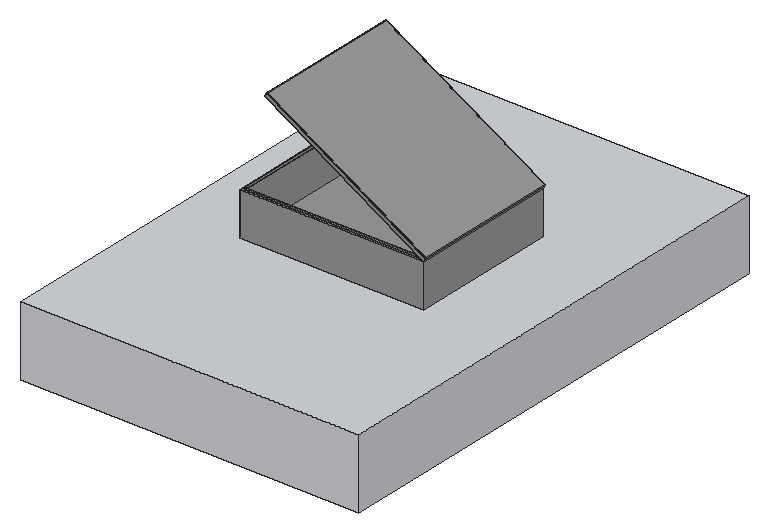
Revit family "Hager-Univers-IP54-D205-H650-Cl.II-Encl-PT-pt", category Equipement électrique, Revit 2020
Family settings
  Hôte = Face
  Configuration du panneau = Deux colonnes, circuits au sein
  Cote de connecteur circulaire = Utiliser le diamètre
  Type d'élément = Tableau de raccordement
  Couper avec des vides une fois chargée = Non
  Partagée = Non
  Point de calcul de pièce = Non
Parameters (values of type "Montagem em superfície (gesso) IP54 L800 A650 P205  - FP43SW2")
  Width Control [instance] = if([EF000008 - Largura] > Min Width, [EF000008 - Largura], Min Width)  # 800 mm
  Commentaires du type = [HG000003 - Gama]  # "Univers"
  Thickness Door [instance] = if([EF009171 - Espessura do material da porta/tampa] > 3 mm, 3 mm, [EF009171 - Espessura do material da porta/tampa])  # 1 mm
  Seal Frame Offset [instance] = 17 mm  # constant formula
  Plinth Visibility [instance] = [HG000027 - Altura da Plinta] > 0 mm  # no
  Model = ""
  Min Width [instance] = 100 mm  # constant formula
  Min Height [instance] = 100 mm  # constant formula
  Min Depth [instance] = (2 * [EF009170 - Espessura do material do invólucro]) + 1 mm  # 3 mm
  Internal Frame Depth [instance] = (Door System Depth * 0.5)  # 9 mm
  Height Control [instance] = if([EF000040 - Altura] > Min Height, [EF000040 - Altura], Min Height)  # 650 mm
  HG000027 - Altura da Plinta = 0 mm
  HG000026 - Instalação no chão = no
  HG000024 - Altura da secção inferior = 800 mm
  HG000023 - Recinto de secção dupla = no
  HG000016 - Visibilidade da porta 3D [instance] = yes
  HG000015 - Visibilidade através da porta [instance] = no
  HG000014 - Porta à direita [instance] = yes
  HG000013 - Porta à esquerda [instance] = not([HG000014 - Porta à direita])  # no
  HG000012 - Ângulo de abertura de porta [instance] = 30.00°
  HG000010 - Portas assimétricas = no
  HG000009 - Porta dupla = no
  HG000006 - Encastrado = no
  HG000004 - Referência do Fabricante = "FP43SW2"
  HG000003 - Gama = "Univers"
  HG000002 - Com porta ou tampa = yes
  Frame Offset Bottom [instance] = 10 mm  # constant formula
  Frame Offset [instance] = 15 mm  # constant formula
  EF015940 - Tampa com libertação de sobrepressão = no
  EF011959 - Grau de proteção (NEMA) = ""
  EF009554 - Número de aberturas para placas de flange = 6
  Fabricant = "Hager"  # constant formula
  EF009212 - Tipo de tampa = "EV000116 - Fechado"
  EF009171 - Espessura do material da porta/tampa = 1 mm
  EF009170 - Espessura do material do invólucro = 1 mm
  EF008873 - Corrente nominal (In) = 250 A
  EF007800 - Adequado para proteção contra raios = no
  EF006306 - Com fecho = no
  EF006244 - Tampa/porta transparente = no
  EF005474 - Grau de proteção (IP) = "EV006419 - IP54"
  EF004464 - Tipo de porta = "EV002646 - Único"
  EF004427 - Número de módulos = 144
  EF004293 - Força de impacto = "EV006815 - IK09"
  EF003532 - Adequado para uso no exterior = no
  EF002950 - Largura em número de módulos = 36
  EF001613 - Integridade do circuito = "EV000494 - Nenhum"
  EF001596 - Material do corpo = "EV000179 - Aço"
  EF001131 - Profundidade interior = 143 mm
  EF001088 - Extensão possível = yes
  EF000437 - Número de entradas de condutores = 6
  EF000339 - Tipo de difusor = "EV001012 - Tampa"
  EF000266 - Número de linhas = 4
  EF000218 - Profundidade incorporada = 205 mm
  EF000118 - Com tampa de montagem = no
  EF000116 - Número RAL = "9010"
  EF000049 - Profundidade = 205 mm
  EF000040 - Altura = 650 mm
  EF000008 - Largura = 800 mm
  EF000007 - Cor = "EV000202 - Branco"
  EF000003 - Método de montagem = "EV000384 - Montagem em superfície (gesso)"
  Door System Leaf Tolerance [instance] = 1.5 mm  # constant formula
  Door System Depth [instance] = 18 mm  # constant formula
  Door Height [instance] = Height Control - [HG000027 - Altura da Plinta]  # 650 mm
  Depth Control [instance] = if([EF000049 - Profundidade] > Min Depth, [EF000049 - Profundidade], Min Depth)  # 205 mm
  Default Elevation = 0 mm
  Connector Offset [instance] = Height Control / 2  # 325 mm
  Bottom Top Plate Trim [instance] = 1.5 mm  # constant formula
  Plinth height Ctrl [instance] = if([HG000027 - Altura da Plinta] > 0 mm, [HG000027 - Altura da Plinta], 12 mm)  # 12 mm
Types (4, lengths in mm): name | Width Control | HG000009 - Porta dupla | HG000004 - Referência do Fabricante | EF009554 - Número de aberturas para placas de flange | EF004464 - Tipo de porta | EF004427 - Número de módulos | EF002950 - Largura em número de módulos | EF000437 - Número de entradas de condutores | EF000008 - Largura
  Montagem em superfície (gesso) IP54 L1050 A650 P205  - FP44SW2 | 1050 | yes | "FP44SW2" | 8 | "EV003602 - Duplo" | 192 | 48 | 8 | 1050
  Montagem em superfície (gesso) IP54 L300 A650 P205  - FP41SW2 | 300 | no | "FP41SW2" | 2 | "EV002646 - Único" | 48 | 12 | 2 | 300
  Montagem em superfície (gesso) IP54 L550 A650 P205  - FP42SW2 | 550 | no | "FP42SW2" | 4 | "EV002646 - Único" | 96 | 24 | 4 | 550
  Montagem em superfície (gesso) IP54 L800 A650 P205  - FP43SW2 | 800 | no | "FP43SW2" | 6 | "EV002646 - Único" | 144 | 36 | 6 | 800
Reference planes
  plane 1 "Center (Front/Back)": y = 0
  plane 2: z = 0
  plane 3 "Center (Left/Right)": x = 0
  plane 4: z = 205
  plane 5: y = 1
  plane 6: y = 325
  plane 7: y = 0
  plane 8: y = 650
  plane 9: z = 0
  plane 10: x = -385
  plane 11: x = 385
  plane 12: x = 384
  plane 13: x = -384
  plane 14: y = 649
  plane 15: x = -383
  plane 16: x = -400
  plane 17: x = 383
  plane 18: x = 400
  plane 19: x = 399
  plane 20: x = -399
  plane 21: y = 11
  plane 22: y = 650
  plane 23: y = 634
  plane 24: z = 187
  plane 25: z = 1
  plane 26: z = 186
  plane 27: z = 204
Forms (mm)
  Extrusion 1, solid
    sketch origin (0, 0, 0) x (1, 0, 0) y (0, 1, 0)
      loop
        line (-702.964, 1305) -> (-702.964, -811.445) -> (766.763, -811.445) -> (766.763, 1305) -> (-702.964, 1305)
    from 0 to -304.8
  Extrusion 2, solid, material "Hager_Steel_RAL7035_Light_Grey", visible <- "Plinth Visibility", detail levels medium+fine
    sketch origin (0, 0, 0) x (1, 0, 0) y (0, 1, 0)
      loop
        line (-400, 0) -> (400, 0) -> (400, 12) -> (-400, 12) -> (-400, 0)
    from 0 to 187
  Extrusion 3, solid, material "Hager_Steel_RAL7035_Light_Grey", detail levels medium+fine
    sketch origin (0, 0, 0) x (1, 0, 0) y (0, 1, 0)
      loop
        line (-400, 0) -> (400, 0) -> (400, 650) -> (-400, 650) -> (-400, 0)
    from 0 to 187
  Extrusion 4, void
    sketch origin (0, 0, 0) x (1, 0, 0) y (0, 1, 0)
      loop
        line (-399, 1) -> (399, 1) -> (399, 649) -> (-399, 649) -> (-399, 1)
    from 1 to 186
  Extrusion 5, void
    sketch origin (-381.607, -4572, 187) x (0, -1, 0) y (-1, 0, 0)
      loop
        line (-4583, 2.393) -> (-5206, 2.393) -> (-5206, -765.607) -> (-4583, -765.607) -> (-4583, 2.393)
    from 0 to 1 <- "EF009170 - Espessura do material do invólucro"
  Extrusion 6, solid, material "Hager_Steel_RAL7035_Light_Grey", detail levels fine
    sketch origin (0, 0, 187) x (1, 0, 0) y (0, 1, 0)
      loop
        line (-384, 634) -> (-384, 11) -> (384, 11) -> (384, 634) -> (-384, 634)
      loop
        line (-385, 10) -> (385, 10) -> (385, 635) -> (-385, 635) -> (-385, 10)
    from 0 to 9 <- "Internal Frame Depth"
  Extrusion 7, solid, material "Hager_Steel_RAL7035_Light_Grey", detail levels coarse
    sketch origin (0, 0, 0) x (1, 0, 0) y (0, 1, 0)
      loop
        line (-400, 0) -> (400, 0) -> (400, 650) -> (-400, 650) -> (-400, 0)
    from 0 to 205
  Sweep 8, void
    path in 3D
      loop
        line (-400, 12, 0) -> (400, 12, 0) -> (400, 12, 187) -> (-400, 12, 187) -> (-400, 12, 0)
    profile origin (-400, 12, 93.5) x (-1, 0, 0) y (0, -1, 0)
      loop
        line (0, 0) -> (0, 1.5) -> (-1.5, 1.5)
        arc (-1.5, 1.5) -> (-1.061, 0.439) -> (0, 0) r 1.5
Cuts and joins
  Extrusion 4, Extrusion 5 cuts Extrusion 3
  Sweep 8 cuts Extrusion 2
Lines and regions (mm)
  Masking region 1
    outline origin (0, 0, 0) x (1, 0, 0) y (0, 0, 1)
      loop
        line (-400, 205) -> (-400, 0) -> (400, 0) -> (400, 205) -> (-400, 205)
  Masking region 2, detail levels medium+fine
    outline origin (0, 140, 0) x (0, 1, 0) y (0, 0, 1)
      loop
        line (-140, 0) -> (510, 0) -> (510, 187) -> (-140, 187) -> (-140, 0)
  Masking region 3, not visible, detail levels medium+fine
    outline origin (0, 297.922, 0) x (0, 1, 0) y (0, 0, 1)
      loop
        line (38.578, 0) -> (78.578, 0) -> (78.578, 194)
        arc (78.578, 194) -> (75.649, 201.071) -> (68.578, 204) r 10
        line (68.578, 204) -> (38.578, 204) -> (38.578, 0)
  Masking region 4, detail levels coarse
    outline origin (0, 0, 180) x (0, 1, 0) y (0, 0, 1)
      loop
        line (0, -180) -> (650, -180) -> (650, 25) -> (0, 25) -> (0, -180)
  Masking region 5, visible <- "Plinth Visibility", detail levels medium+fine
    outline origin (0, 52.24, 12.345) x (0, 0, -1) y (0, 1, 0)
      loop
        line (10.845, -40.24) -> (-173.155, -40.24)
        arc (-173.155, -40.24) -> (-173.594, -41.301) -> (-174.655, -41.74) r 1.5
        line (-174.655, -41.74) -> (-174.655, -52.24) -> (12.345, -52.24) -> (12.345, -41.74)
        arc (12.345, -41.74) -> (11.285, -41.301) -> (10.845, -40.24) r 1.5
  Masking region 6, detail levels medium+fine
    outline origin (-381.607, -4572, 187) x (-1, 0, 0) y (0, -1, 0)
      loop
        line (18.393, -5222) -> (18.393, -4572) -> (-781.607, -4572) -> (-781.607, -5222) -> (18.393, -5222)
  Masking region 7, visible <- "Plinth Visibility", detail levels medium+fine
    outline origin (-381.607, -4727, 187) x (-1, 0, 0) y (0, -1, 0)
      loop
        arc (16.893, -4739) -> (17.332, -4737.939) -> (18.393, -4737.5) r 1.5
        line (18.393, -4737.5) -> (18.393, -4727) -> (-781.607, -4727) -> (-781.607, -4737.5)
        arc (-781.607, -4737.5) -> (-780.546, -4737.939) -> (-780.107, -4739) r 1.5
        line (-780.107, -4739) -> (16.893, -4739)
  Masking region 8, detail levels coarse
    outline origin (-442.548, -4669.526, 187) x (-1, 0, 0) y (0, -1, 0)
      loop
        line (-42.548, -5319.526) -> (-42.548, -4669.526) -> (-842.548, -4669.526) -> (-842.548, -5319.526) -> (-42.548, -5319.526)
  sketch lines
    curve 1: line (-400, 12, 187) -> (-400, 12, 0)
    curve 2: line (400, 12, 187) -> (-400, 12, 187)
    curve 3: line (400, 12, 187) -> (400, 12, 0)
    curve 4: line (-400, 12, 0) -> (400, 12, 0)
Dimensions and locks
  "Depth Control": plane 4 to Extrusion 1
  "HG000027 - Altura da Plinta": plane 1 "Center (Front/Back)" to plane 7
  "EF009170 - Espessura do material do invólucro": plane 5 to plane 7
  locked: connector elem to plane 3 "Center (Left/Right)"
  equal spacing: plane 8, plane 6, plane 7
  locked: connector elem to plane 6
  "EF009170 - Espessura do material do invólucro": plane 8 to plane 14
  "EF009170 - Espessura do material do invólucro": plane 10 to plane 13
  "EF009170 - Espessura do material do invólucro": plane 12 to plane 11
  "Frame Offset": plane 20 to plane 13
  "Frame Offset": plane 12 to plane 19
  "EF009170 - Espessura do material do invólucro": plane 16 to plane 20
  "EF009170 - Espessura do material do invólucro": plane 19 to plane 18
  "Seal Frame Offset": plane 16 to plane 15
  "Seal Frame Offset": plane 17 to plane 18
  "Frame Offset Bottom": plane 21 to plane 5
  "Frame Offset": plane 14 to plane 23
  equal spacing: plane 16, plane 3 "Center (Left/Right)", plane 18
  "Width Control": plane 16 to plane 18
  "EF009170 - Espessura do material do invólucro": plane 4 to plane 27
  "EF009170 - Espessura do material do invólucro": plane 24 to plane 26
  "EF009170 - Espessura do material do invólucro": plane 25 to level
  "Door System Depth": plane 4 to plane 24
  "Height Control": plane 1 "Center (Front/Back)" to Extrusion 7 sketch curve
  "Height Control": Masking region 4 sketch curve to plane 1 "Center (Front/Back)"
  "Height Control": plane 1 "Center (Front/Back)" to plane 22
  "Bottom Top Plate Trim": profile plane to Sweep 8 sketch curve
  "Bottom Top Plate Trim": Sweep 8 sketch curve to profile plane
  "Plinth height Ctrl": plane 1 "Center (Front/Back)" to Extrusion 2 sketch curve
  "Plinth height Ctrl": Masking region 5 sketch curve to plane 1 "Center (Front/Back)"
  "Plinth height Ctrl": plane 1 "Center (Front/Back)" to Masking region 7 sketch curve
  "Thickness Door": Extrusion 6 sketch curve to Extrusion 6 sketch curve  (x3)
  "Thickness Door": cut or joined group of Extrusion 3, Extrusion 4, Extrusion 5 to Extrusion 6 sketch curve
  radius of Masking region 3 sketch curve = 10 mm
  "Bottom Top Plate Trim": radius of Masking region 5 sketch curve  (x2)
  "Bottom Top Plate Trim": radius of Sweep 8 sketch curve
  "Bottom Top Plate Trim": radius of Masking region 7 sketch curve  (x2)
  aligned and locked: plane 2 to Extrusion 1
  aligned and locked: level to Extrusion 1
  aligned and locked: level to Masking region 1 sketch curve
  aligned and locked: Masking region 1 sketch curve to plane 18
  aligned and locked: Masking region 1 sketch curve to plane 16
  aligned and locked: plane 7 to Masking region 2 sketch curve
  aligned and locked: level to Masking region 3 sketch curve
  aligned and locked: Masking region 3 sketch curve to plane 27
  aligned and locked: level to Masking region 2 sketch curve
  aligned and locked: plane 1 "Center (Front/Back)" to Extrusion 2 sketch curve
  aligned and locked: Extrusion 3 sketch curve to plane 7
  aligned and locked: plane 16 to Extrusion 3 sketch curve
  aligned and locked: plane 18 to Extrusion 3 sketch curve
  aligned and locked: plane 20 to Extrusion 4 sketch curve
  aligned and locked: plane 19 to Extrusion 4 sketch curve
  aligned and locked: Extrusion 4 sketch curve to plane 5
  aligned and locked: Extrusion 4 to plane 25
  aligned and locked: plane 26 to Extrusion 4
  aligned and locked: plane 24 to Extrusion 3
  aligned and locked: Extrusion 5 sketch curve to plane 21
  aligned and locked: Extrusion 5 sketch curve to plane 13
  aligned and locked: Extrusion 5 sketch curve to plane 12
  aligned and locked: plane 18 to Extrusion 7 sketch curve
  aligned and locked: plane 1 "Center (Front/Back)" to Extrusion 7 sketch curve
  aligned and locked: plane 16 to Extrusion 7 sketch curve
  aligned and locked: plane 4 to Extrusion 7
  aligned and locked: Extrusion 7 to level
  aligned and locked: level to Masking region 4 sketch curve
  aligned and locked: Masking region 4 sketch curve to plane 1 "Center (Front/Back)"
  aligned and locked: Masking region 4 sketch curve to plane 4
  aligned and locked: nested 1 to level
  aligned and locked: nested 1 to plane 16
  aligned and locked: plane 8 to Extrusion 3 sketch curve
  aligned and locked: plane 23 to Extrusion 5 sketch curve
  aligned and locked: plane 14 to Extrusion 4 sketch curve
  aligned and locked: Masking region 2 sketch curve to plane 8
  aligned and locked: level to Masking region 5 sketch curve
  aligned and locked: plane 16 to Extrusion 2 sketch curve
  aligned and locked: plane 18 to Extrusion 2 sketch curve
  aligned and locked: Masking region 5 sketch curve to plane 24
  aligned and locked: Masking region 2 sketch curve to plane 24
  aligned and locked: plane 24 to Extrusion 2
  aligned and locked: profile plane to Sweep 8 sketch curve  (x2)
  aligned and locked: Masking region 6 sketch curve to plane 18
  aligned and locked: Masking region 6 sketch curve to plane 22
  aligned and locked: Masking region 6 sketch curve to plane 16
  aligned and locked: plane 8 to plane 22
  aligned and locked: Masking region 6 sketch curve to plane 7
  aligned and locked: Masking region 7 sketch curve to plane 16
  aligned and locked: Masking region 7 sketch curve to plane 1 "Center (Front/Back)"
  aligned and locked: Masking region 7 sketch curve to plane 18
  aligned and locked: Masking region 8 sketch curve to plane 1 "Center (Front/Back)"
  aligned and locked: Masking region 8 sketch curve to plane 18
  aligned and locked: Masking region 8 sketch curve to plane 22
  aligned and locked: Masking region 8 sketch curve to plane 16
  aligned and locked: nested 2 to plane 7
  aligned and locked: plane 3 "Center (Left/Right)" to nested 2
  aligned and locked: nested 2 to plane 24
  aligned and locked: Extrusion 6 sketch curve to cut or joined group of Extrusion 3, Extrusion 4, Extrusion 5  (x4)
Automatic sketch dimensions
  Extrusion 1 sketch curve to Extrusion 1 sketch curve = 1469.727 mm
  Extrusion 1 sketch curve to Extrusion 1 sketch curve = 2116.445 mm
  Masking region 1 sketch curve to plane 4 = 0 mm
  plane 6 to Masking region 3 sketch curve = 11.5 mm
  Masking region 3 sketch curve to Masking region 3 sketch curve = 30 mm
  Masking region 5 sketch curve to plane 1 "Center (Front/Back)" = 0 mm
Nested families
  nested 1: "Hager_Enclosure_Symbol" at (-400, 0, 0) x (1, 0, 0) z (0, -1, 0), Height <- "Depth Control", Width <- "Width Control", type "Hager_Enclosure_Symbol"
    with Width_Ctrl 800 mm, Width 800 mm, Height_Ctrl 205 mm, Height 205 mm, A_Width_Int 13.453 mm, A_Width 161.438 mm, A_Height_Ctrl 179.375 mm, A_Height 179.375 mm
  nested 2: "EC000058_Univers_Door" at (0, 0, 187) x (1, 0, 0) z (0, 1, 0), Leaf_Tolerance <- "Door System Leaf Tolerance", Angle <- "HG000012 - Ângulo de abertura de porta", Door_Depth <- "Door System Depth", Door_Left <- "HG000013 - Porta à esquerda", Transparent <- "EF006244 - Tampa/porta transparente", Assymetrical <- "HG000010 - Portas assimétricas", Width <- "Width Control", Clearance <- "HG000015 - Visibilidade através da porta", Double <- "HG000009 - Porta dupla", 3d_Door <- "HG000016 - Visibilidade da porta 3D", Lock_Visibility <- "EF006306 - Com fecho", Width_Ctrl <- "Width Control", Door_Right <- "HG000014 - Porta à direita", Door <- "HG000002 - Com porta ou tampa", Height <- "Door Height", Thickness <- "Thickness Door", type "EC000058_Univers_Door", detail levels medium+fine
    with min_wh 3 mm, Width_Ctrl 800 mm, Width 800 mm, Transparent no, Thickness 1 mm, Seal_Material Hager_Rubber, Lock_Visibility no, Lock_Material Hager_Plastic_RAL9005_Jet_Black, Leaf_Width 800 mm, Leaf_Tolerance_External_Sides 0 mm, Leaf_Tolerance 1.5 mm, Leaf_Offset 0 mm, Leaf_Height 647 mm, Leaf_2_Width 800 mm, Leaf_2_Offset 400 mm, Leaf_1_Width 800 mm, Leaf_1_Offset 400 mm, Height_Ctrl 650 mm, Height 650 mm, Glass_Material Hager_Glass, Double_Clearance_Ctrl no, Double no, Door_Right_Ctrl yes, Door_Right yes, Door_Material Hager_Steel_RAL7035_Light_Grey, Door_Left_Ctrl no, Door_Left no, Door_Depth 18 mm, Door yes, Clearance_Material Hager_Clearance, Clearance_Depth 800 mm, Clearance_Ctrl no, Clearance no, Assymetrical no, Angle 30.00°, 3d_Door yes
Connectors
  electrical at (0, 325, 0)
    settings: on plane 9, index 1, voltage 0 V, apparent load 0 VA, apparent load phase1 0 VA, apparent load phase2 0 VA, apparent load phase3 0 VA, power factor 1, load classification "Other", number of poles 1, system type 30, power factor state 1, is connector primary yes, connector utility no, sub classification motor no, connector description ""
Definition of nested family "EC000058_Univers_Door"
  Parameters (values of type "EC000058_Univers_Door")
    min_wh [instance] = (2 * Thickness) + 1 mm  # 11 mm
    Width_Ctrl [instance] = 400 mm
    Width [instance] = 500 mm
    Transparent [instance] = yes
    Thickness [instance] = 5 mm
    Seal_Material [instance] = none
    Lock_Visibility [instance] = yes
    Lock_Material [instance] = none
    Leaf_Width [instance] = if((Width_Ctrl - 2 * Leaf_Tolerance_External_Sides) > 0 mm, (Width_Ctrl - 2 * Leaf_Tolerance_External_Sides), min_wh)  # 400 mm
    Leaf_Tolerance_External_Sides [instance] = 0 mm  # constant formula
    Leaf_Tolerance [instance] = 1.5 mm
    Leaf_Offset [instance] = 0 mm  # constant formula
    Leaf_Height [instance] = if((Height_Ctrl - 2 * Leaf_Tolerance) > 0 mm, (Height_Ctrl - 2 * Leaf_Tolerance), min_wh)  # 497 mm
    Leaf_2_Width [instance] = if(and(and(Double, Assymetrical), Door_Left), (Leaf_Width / 3) - (Leaf_Tolerance / 2), if(and(and(Double, Assymetrical), Door_Right), (Leaf_Width / 3) * 2 - (Leaf_Tolerance / 2), if(and(Double, not(Assymetrical)), (Leaf_Width / 2) - Leaf_Tolerance, Leaf_Width)))  # 400 mm
    Leaf_2_Offset [instance] = if(and(Double, Assymetrical), Leaf_2_Width / 2, if(and(Double, not(Assymetrical)), Leaf_Width / 4, Leaf_Width / 2))  # 200 mm
    Leaf_1_Width [instance] = if(and(and(Double, Assymetrical), Door_Right), (Leaf_Width / 3) - (Leaf_Tolerance / 2), if(and(and(Double, Assymetrical), Door_Left), (Width / 3) * 2 - (Leaf_Tolerance / 2), if(and(Double, not(Assymetrical)), (Leaf_Width / 2) - Leaf_Tolerance, Leaf_Width)))  # 400 mm
    Leaf_1_Offset [instance] = if(and(Double, Assymetrical), Leaf_1_Width / 2, if(and(Double, not(Assymetrical)), Leaf_Width / 4, Leaf_Width / 2))  # 200 mm
    Height_Ctrl [instance] = if(Height > min_wh, Height, min_wh)  # 500 mm
    Height [instance] = 500 mm
    Glass_Material [instance] = none
    Double_Clearance_Ctrl [instance] = and(Double, Clearance)  # no
    Double [instance] = no
    Door_Right_Ctrl [instance] = and(or(Door_Right, Double), Door)  # yes
    Door_Right [instance] = yes
    Door_Material [instance] = none
    Door_Left_Ctrl [instance] = and(or(Door_Left, Double), Door)  # no
    Door_Left [instance] = no
    Door_Depth [instance] = 30 mm
    Door [instance] = yes
    Default Elevation = 1219.2 mm
    Clearance_Material [instance] = none
    Clearance_Depth [instance] = if(Leaf_1_Width > Leaf_2_Width, Leaf_1_Width, Leaf_2_Width)  # 400 mm
    Clearance_Ctrl [instance] = and(not(Double), Clearance)  # yes
    Clearance [instance] = yes
    Assymetrical [instance] = yes
    Angle [instance] = 30.00°
    3d_Door [instance] = yes
  Reference planes
    plane 1 "Center (Front/Back)": y = 0
    plane 2 "Bottom": z = 0
    plane 3 "Center (Left/Right)": x = 0
    plane 4: z = 500
    plane 5: x = -200
    plane 6: x = 200
    plane 7: z = 500
    plane 8: x = -200
    plane 9: z = 0
    plane 10: x = 200
    plane 11: y = 0
    plane 12: z = 1.5
    plane 13: x = -600
    plane 14: y = -400
    plane 15: x = 600
    plane 16: x = 0
    plane 17: x = 0
    plane 18: x = -200
    plane 19: x = 200
    plane 20: z = 498.5
  Forms (mm)
    Extrusion 1, solid, material <- "Clearance_Material", visible <- "Double_Clearance_Ctrl"
      sketch origin (1200, 0, 0) x (1, 0, 0) y (0, 0, -1)
        loop
          line (-1800, -498.5) -> (-600, -498.5) -> (-600, 0) -> (-1800, 0) -> (-1800, -498.5)
      from 0 to -400
  Dimensions and locks
    equal spacing: plane 5, plane 3 "Center (Left/Right)", plane 6
    "Width_Ctrl": plane 5 to plane 6
    "Leaf_Offset": plane 5 to plane 8
    "Leaf_Offset": plane 6 to plane 10
    "Leaf_Offset": plane 9 to level
    "Leaf_Offset": plane 4 to plane 7
    "Height_Ctrl": plane 4 to level
    "Leaf_Tolerance": plane 12 to plane 9
    locked: plane 11 to plane 1 "Center (Front/Back)"
    "Leaf_1_Offset": plane 18 to plane 16
    "Leaf_2_Offset": plane 17 to plane 19
    "Leaf_1_Width": plane 13 to plane 8
    "Leaf_2_Width": plane 10 to plane 15
    "Clearance_Depth": plane 14 to plane 1 "Center (Front/Back)"
    "Leaf_Tolerance_External_Sides": plane 8 to plane 18
    "Leaf_Tolerance_External_Sides": plane 19 to plane 10
    "Leaf_Tolerance": plane 7 to plane 20
    aligned and locked: level to plane 2 "Bottom"
    aligned and locked: nested 1 to plane 16
    aligned and locked: nested 2 to plane 17
    aligned and locked: Extrusion 1 to plane 13
    aligned and locked: plane 15 to Extrusion 1
    aligned and locked: Extrusion 1 to plane 14
    aligned and locked: plane 12 to nested 1
    aligned and locked: nested 2 to plane 12
    aligned and locked: Extrusion 1 to plane 11
    aligned and locked: plane 20 to Extrusion 1
    aligned and locked: nested 2 to plane 11
    aligned and locked: nested 1 to plane 11
  Automatic sketch dimensions
    Extrusion 1 sketch curve to level = 0 mm
    plane 5 to Extrusion 1 sketch curve = 400 mm
    plane 6 to Extrusion 1 sketch curve = 400 mm
    Extrusion 1 sketch curve to plane 4 = 1.5 mm
  Nested families
    nested 1: "EC000058_Univers_Door_Leaf" at (0, 0, 1.5), Width <- "Leaf_1_Width", visible <- "Door_Left_Ctrl", Leaf_Height <- "Leaf_Height", Angle <- "Angle", 3d_Door <- "3d_Door", Transparent <- "Transparent", Clearance Material <- "Clearance_Material", Clearance <- "Clearance_Ctrl", Door_Material <- "Door_Material", Glass_Material <- "Glass_Material", Door_Depth <- "Door_Depth", Lock_Material <- "Lock_Material", Seal_Material <- "Seal_Material", Lock_Visibility <- "Lock_Visibility", Thickness <- "Thickness", type "EC000058_Univers_Door_Leaf"
      with Width 400 mm, Transparent_Glass_Offset 30 mm, Transparent_Ctrl yes, Transparent yes, Thickness 5 mm, Standard no, Seal_Material none, Seal_D2 8 mm, Seal_D1 1 mm, Offset_Internal_Frame 10 mm, Lock_Width 20 mm, Lock_Visibility_3d yes, Lock_Visibility yes, Lock_Thickness_3 3 mm, Lock_Thickness_2 1 mm, Lock_Thickness_1 3 mm, Lock_Radius_Offset_2 16 mm, Lock_Radius_Offset_1 15 mm, Lock_Radius_2 5 mm, Lock_Radius 6 mm, Lock_Offset 5 mm, Lock_Material none, Lock_Height 80 mm, Lock_Cover_Top_Offset_2d 17 mm, Lock_Cover_Height -65 mm, Leaf_Height 497 mm, Internal_Seal_Thickness 8 mm, Internal_Seal_Depth_2 4.5 mm, Internal_Frame_Depth 25 mm, Glass_Thickness -1 mm, Glass_Offset -2 mm, Glass_Material none, Door_Material none, Door_Depth 30 mm, Clearance Material none, Clearance yes, Angle_Ctrl 30.00°, Angle 30.00°, 3d_Door yes
    nested 2: "EC000058_Univers_Door_Leaf" at (0, 0, 1.5) x (-1, 0, 0) z (0, 0, 1), Width <- "Leaf_2_Width", visible <- "Door_Right_Ctrl", Leaf_Height <- "Leaf_Height", Angle <- "Angle", 3d_Door <- "3d_Door", Transparent <- "Transparent", Clearance Material <- "Clearance_Material", Clearance <- "Clearance_Ctrl", Door_Material <- "Door_Material", Glass_Material <- "Glass_Material", Door_Depth <- "Door_Depth", Lock_Material <- "Lock_Material", Seal_Material <- "Seal_Material", Lock_Visibility <- "Lock_Visibility", Thickness <- "Thickness", type "EC000058_Univers_Door_Leaf"
      with Width 400 mm, Transparent_Glass_Offset 30 mm, Transparent_Ctrl yes, Transparent yes, Thickness 5 mm, Standard no, Seal_Material none, Seal_D2 8 mm, Seal_D1 1 mm, Offset_Internal_Frame 10 mm, Lock_Width 20 mm, Lock_Visibility_3d yes, Lock_Visibility yes, Lock_Thickness_3 3 mm, Lock_Thickness_2 1 mm, Lock_Thickness_1 3 mm, Lock_Radius_Offset_2 16 mm, Lock_Radius_Offset_1 15 mm, Lock_Radius_2 5 mm, Lock_Radius 6 mm, Lock_Offset 5 mm, Lock_Material none, Lock_Height 80 mm, Lock_Cover_Top_Offset_2d 17 mm, Lock_Cover_Height -65 mm, Leaf_Height 497 mm, Internal_Seal_Thickness 8 mm, Internal_Seal_Depth_2 4.5 mm, Internal_Frame_Depth 25 mm, Glass_Thickness -1 mm, Glass_Offset -2 mm, Glass_Material none, Door_Material none, Door_Depth 30 mm, Clearance Material none, Clearance yes, Angle_Ctrl 30.00°, Angle 30.00°, 3d_Door yes
  Definition of nested family "EC000058_Univers_Door_Leaf"
    Parameters (values of type "EC000058_Univers_Door_Leaf")
      Width [instance] = 2000 mm
      Transparent_Glass_Offset [instance] = 30 mm
      Transparent_Ctrl [instance] = and(Transparent, [3d_Door])  # yes
      Transparent [instance] = yes
      Thickness [instance] = 5 mm
      Standard [instance] = and(not(Transparent), [3d_Door])  # no
      Seal_Material [instance] = none
      Seal_D2 [instance] = 8 mm  # constant formula
      Seal_D1 [instance] = 1 mm  # constant formula
      Offset_Internal_Frame [instance] = 10 mm  # constant formula
      Lock_Width [instance] = 20 mm  # constant formula
      Lock_Visibility_3d [instance] = and(Lock_Visibility, [3d_Door])  # yes
      Lock_Visibility [instance] = yes
      Lock_Thickness_3 [instance] = 3 mm  # constant formula
      Lock_Thickness_2 [instance] = 1 mm  # constant formula
      Lock_Thickness_1 [instance] = 3 mm  # constant formula
      Lock_Radius_Offset_2 [instance] = Lock_Radius_Offset_1 + 1 mm  # 16 mm
      Lock_Radius_Offset_1 [instance] = 15 mm  # constant formula
      Lock_Radius_2 [instance] = Lock_Radius - 1 mm  # 5 mm
      Lock_Radius [instance] = 6 mm  # constant formula
      Lock_Offset [instance] = 5 mm  # constant formula
      Lock_Material [instance] = none
      Lock_Height [instance] = 80 mm  # constant formula
      Lock_Cover_Top_Offset_2d [instance] = Lock_Radius_Offset_2 + 1 mm  # 17 mm
      Lock_Cover_Height [instance] = -(Lock_Height - Lock_Radius_Offset_1)  # -65 mm
      Leaf_Height [instance] = 2720.336 mm
      Internal_Seal_Thickness [instance] = 8 mm  # constant formula
      Internal_Seal_Depth_2 [instance] = 4.5 mm  # constant formula
      Internal_Frame_Depth [instance] = if(Door_Depth - Thickness > 5 mm, Door_Depth - Thickness, 5 mm)  # 25 mm
      Glass_Thickness [instance] = if(Thickness > 15 mm, Glass_Offset + 10 mm, -1 mm)  # -1 mm
      Glass_Offset [instance] = if(Thickness > 15 mm, -(Thickness + 10 mm) / 2, -2 mm)  # -2 mm
      Glass_Material [instance] = none
      Door_Material [instance] = none
      Door_Depth [instance] = 30 mm
      Default Elevation = 0 mm
      Clearance Material [instance] = none
      Clearance [instance] = yes
      Angle_Ctrl [instance] = if(Angle > 180.00°, 180.00°, Angle)  # 90.00°
      Angle [instance] = 90.00°
      3d_Door [instance] = yes
    Reference planes
      plane 1 "Center (Front/Back)": y = 0
      plane 2: z = 0
      plane 3 "Center (Left/Right)": x = 0
      plane 4: y = 2000
      plane 5: x = -1000
      plane 6: x = 1000
      plane 7: x = -3000
      plane 8: z = 2720.336
      plane 9: z = 30
      plane 10: z = 2690.336
      plane 11: x = 970
      plane 12: x = -970
      plane 13: y = -3
      plane 14: z = 107.833
      plane 15: y = -5
      plane 16: y = -223.314
      plane 17: x = -1000
      plane 18: z = 1360.168
      plane 19: y = 30
    Forms (mm)
      Extrusion 1, solid, material <- "Clearance Material", visible <- "Clearance"
        sketch origin (0, 0, 0) x (1, 0, 0) y (0, 0, 1)
          loop
            line (-3000, 2720.336) -> (-3000, 0) -> (1000, 0) -> (1000, 2720.336) -> (-3000, 2720.336)
        from 0 to -2000
      Extrusion 2, solid, material <- "Door_Material", visible <- "Standard", detail levels medium+fine
        sketch origin (-1000, 0, 0) x (0, 1, 0) y (-1, 0, 0)
          loop
            line (0, 30) -> (0, 25) -> (2000, 25) -> (2000, 30) -> (0, 30)
        from 0 to 2720.336 <- "Leaf_Height"
      Extrusion 3, solid, material <- "Door_Material", visible <- "Transparent_Ctrl", detail levels medium+fine
        sketch origin (-1000, 0, 0) x (0, 1, 0) y (-1, 0, 0)
          loop
            line (0, 25) -> (2000, 25) -> (2000, 30) -> (0, 30) -> (0, 25)
        from 0 to 2720.336 <- "Leaf_Height"
      Extrusion 4, void
        sketch origin (-1025, 2000, 0) x (0, 1, 0) y (0, 0, -1)
          loop
            line (-30, -2690.336) -> (-30, -30) -> (-1970, -30) -> (-1970, -2690.336) -> (-30, -2690.336)
        from 0 to 5 <- "Thickness"
      Sweep 5, solid, material <- "Seal_Material", visible <- "Transparent_Ctrl", detail levels fine
        path in 3D
          loop
            line (-1025, 30, 30) -> (-1025, 30, 2690.336) -> (-1025, 1970, 2690.336) -> (-1025, 1970, 30) -> (-1025, 30, 30)
        profile origin (-1025, 1000, 30) x (1, 0, 0) y (0, 0, 1)
          loop
            line (0, 0) -> (0, -8) -> (1, -8) -> (1, 0) -> (0, 0)
      Extrusion 6, solid, material <- "Glass_Material", visible <- "Transparent_Ctrl", detail levels medium+fine
        sketch origin (-1030, 0, 0) x (0, 1, 0) y (0, 0, -1)
          loop
            line (1970, -2690.336) -> (1970, -30) -> (30, -30) -> (30, -2690.336) -> (1970, -2690.336)
        from -2 <- "Glass_Offset" to -1 <- "Glass_Thickness"
      Extrusion 7, solid, material <- "Door_Material", visible <- "3d_Door", detail levels medium+fine
        sketch origin (-1025, 2000, 0) x (0, -1, 0) y (0, 0, -1)
          loop
            line (0, -2720.336) -> (2000, -2720.336) -> (2000, 0) -> (0, 0) -> (0, -2720.336)
          loop
            line (1995, -5) -> (5, -5) -> (5, -2715.336) -> (1995, -2715.336) -> (1995, -5)
        from 0 to 25 <- "Internal_Frame_Depth"
      Sweep 8, solid, material <- "Seal_Material", visible <- "Transparent_Ctrl", detail levels fine
        path in 3D
          loop
            line (-1025, 0, 0) -> (-1025, 2000, 0) -> (-1025, 2000, 2720.336) -> (-1025, 0, 2720.336) -> (-1025, 0, 0)
        profile origin (-1025, 0, 1360.168) x (1, 0, 0) y (0, 1, 0)
          loop
            line (0, 10) -> (2.975, 10)
            arc (2.975, 10) -> (4.053, 10.447) -> (4.5, 11.525) r 1.525
            line (4.5, 11.525) -> (4.5, 16.527)
            arc (4.5, 16.527) -> (4.069, 17.569) -> (3.027, 18) r 1.473
            line (3.027, 18) -> (0, 18) -> (0, 10)
      Extrusion 9, solid, material <- "Lock_Material", visible <- "Lock_Visibility_3d", detail levels fine
        sketch origin (-1030, 0, 0) x (0, 1, 0) y (0, 0, -1)
          loop
            arc (1993.5, -1400.168) -> (1994.561, -1399.729) -> (1995, -1398.668) r 1.5
            line (1995, -1398.668) -> (1995, -1320.168) -> (1975, -1320.168) -> (1975, -1398.668)
            arc (1975, -1398.668) -> (1975.439, -1399.729) -> (1976.5, -1400.168) r 1.5
            line (1976.5, -1400.168) -> (1993.5, -1400.168)
        from 3 <- "Lock_Thickness_1" to 0
      Blend 10, solid, material <- "Lock_Material", visible <- "Lock_Visibility_3d", detail levels fine
        base sketch origin (-1033, 0, 0) x (0, 1, 0) y (0, 0, -1)
          loop
            line (1975, -1320.168) -> (1975, -1398.668)
            arc (1975, -1398.668) -> (1975.439, -1399.729) -> (1976.5, -1400.168) r 1.5
            line (1976.5, -1400.168) -> (1993.5, -1400.168)
            arc (1993.5, -1400.168) -> (1994.561, -1399.729) -> (1995, -1398.668) r 1.5
            line (1995, -1398.668) -> (1995, -1320.168) -> (1975, -1320.168)
        top sketch origin (-1033, 0, 0) x (0, 1, 0) y (0, 0, -1)
          loop
            line (1976, -1320.168) -> (1976, -1398.668)
            arc (1976, -1398.668) -> (1976.146, -1399.022) -> (1976.5, -1399.168) r 0.5
            line (1976.5, -1399.168) -> (1993.5, -1399.168)
            arc (1993.5, -1399.168) -> (1993.854, -1399.022) -> (1994, -1398.668) r 0.5
            line (1994, -1398.668) -> (1994, -1320.168) -> (1976, -1320.168)
        from 0 to 1 <- "Lock_Thickness_2"
      Blend 11, solid, material <- "Lock_Material", visible <- "Lock_Visibility_3d", detail levels fine
        base sketch origin (-1034, 0, 0) x (0, 1, 0) y (0, 0, -1)
          loop
            line (1978, -1320.168) -> (1978, -1384.168)
            arc (1978, -1384.168) -> (1985, -1391.168) -> (1992, -1384.168) r 7
            line (1992, -1384.168) -> (1992, -1320.168) -> (1978, -1320.168)
        top sketch origin (-1034, 0, 0) x (0, 1, 0) y (0, 0, -1)
          loop
            line (1991, -1320.168) -> (1979, -1320.168) -> (1979, -1383.168)
            arc (1979, -1383.168) -> (1985, -1389.168) -> (1991, -1383.168) r 6
            line (1991, -1383.168) -> (1991, -1320.168)
        from 0 to 3 <- "Lock_Thickness_3"
      Extrusion 12, solid, material <- "Lock_Material", visible <- "Lock_Visibility_3d", detail levels fine
        sketch origin (-1030, 1975, 1320.168) x (1, 0, 0) y (0, -1, 0)
          loop
            line (-7, -19) -> (-7, -1) -> (0, -1) -> (0, 0) -> (-8, 0) -> (-8, -20) -> (0, -20) -> (0, -19) -> (-7, -19)
        from 0 to -65 <- "Lock_Cover_Height"
      Extrusion 13, void
        sketch origin (-1038, 1995, 1320.168) x (-1, 0, 0) y (0, 0, -1)
          loop
            line (-5, -65) -> (0, -65) -> (-5, -60) -> (-5, -65)
        from 0 to 20 <- "Lock_Width"
      Extrusion 14, void
        sketch origin (-1038, 1975, 1320.168) x (0, -1, 0) y (0, 0, -1)
          loop
            circle (-10, -15.995) r 6
          loop
            circle (-10, -15.995) r 5
        from 0 to 2
      Extrusion 15, solid, material <- "Lock_Material", visible <- "Lock_Visibility_3d", detail levels medium
        sketch origin (-1030, 0, 0) x (0, 1, 0) y (0, 0, -1)
          loop
            arc (1993.5, -1400.168) -> (1994.561, -1399.729) -> (1995, -1398.668) r 1.5
            line (1995, -1398.668) -> (1995, -1320.168) -> (1975, -1320.168) -> (1975, -1398.668)
            arc (1975, -1398.668) -> (1975.439, -1399.729) -> (1976.5, -1400.168) r 1.5
            line (1976.5, -1400.168) -> (1993.5, -1400.168)
        from 8 to 0
    Cuts and joins
      Extrusion 4 cuts Extrusion 3
      Extrusion 13, Extrusion 14 cuts Extrusion 9
      Extrusion 14 cuts Blend 11
      Extrusion 13, Extrusion 14 cuts Extrusion 12
      joined: Extrusion 9, Blend 10, Blend 11, Extrusion 12
      Extrusion 14 cuts Extrusion 15
    Lines and regions (mm)
      Masking region 1, visible <- "Lock_Visibility", detail levels fine
        outline origin (0, 0, 0) x (0, 1, 0) y (0, 0, 1)
          loop
            line (30, 1320.168) -> (33, 1320.168) -> (33, 1400.168) -> (30, 1400.168) -> (30, 1320.168)
      Masking region 2, visible <- "Lock_Visibility", detail levels fine
        outline origin (0, 3.143, 0) x (0, 1, 0) y (0, 0, 1)
          loop
            line (29.857, 1354.168) -> (30.857, 1354.168) -> (30.857, 1366.168) -> (29.857, 1366.168) -> (29.857, 1354.168)
      Masking region 3, detail levels medium+fine
        outline origin (0, 0, 0) x (0, 1, 0) y (0, 0, 1)
          loop
            line (0, 0) -> (30, 0) -> (30, 2720.336) -> (0, 2720.336) -> (0, 0)
      Masking region 4, detail levels medium+fine
        outline origin (0, 0, 0) x (1, 0, 0) y (0, 0, 1)
          loop
            line (-1000, 2720.336) -> (-1000, 0) -> (1000, 0) -> (1000, 2720.336) -> (-1000, 2720.336)
      Masking region 5, visible <- "Lock_Visibility", detail levels fine
        outline origin (-47.116, 0, 0) x (1, 0, 0) y (0, 0, 1)
          loop
            arc (1024.616, 1399.168) -> (1023.556, 1398.729) -> (1023.116, 1397.668) r 1.5
            line (1023.116, 1397.668) -> (1023.116, 1320.168) -> (1041.116, 1320.168) -> (1041.116, 1397.668)
            arc (1041.116, 1397.668) -> (1040.677, 1398.729) -> (1039.616, 1399.168) r 1.5
            line (1039.616, 1399.168) -> (1024.616, 1399.168)
      Masking region 6, visible <- "Lock_Visibility", detail levels medium+fine
        outline origin (-25, 0, 0) x (1, 0, 0) y (0, 0, 1)
          loop
            arc (1001.5, 1400.168) -> (1000.439, 1399.729) -> (1000, 1398.668) r 1.5
            line (1000, 1398.668) -> (1000, 1320.168) -> (1020, 1320.168) -> (1020, 1398.668)
            arc (1020, 1398.668) -> (1019.561, 1399.729) -> (1018.5, 1400.168) r 1.5
            line (1018.5, 1400.168) -> (1001.5, 1400.168)
      Masking region 7, visible <- "Lock_Visibility", detail levels fine
        outline origin (-73.735, 0, 0) x (1, 0, 0) y (0, 0, 1)
          loop
            line (1051.735, 1382.168) -> (1065.735, 1382.168) -> (1065.735, 1384.168)
            arc (1065.735, 1384.168) -> (1058.735, 1391.168) -> (1051.735, 1384.168) r 7
            line (1051.735, 1384.168) -> (1051.735, 1382.168)
      Masking region 8, visible <- "Lock_Visibility", detail levels fine
        outline origin (-73.735, 0, 0) x (1, 0, 0) y (0, 0, 1)
          loop
            line (1052.735, 1382.168) -> (1064.735, 1382.168) -> (1064.735, 1383.168)
            arc (1064.735, 1383.168) -> (1058.735, 1389.168) -> (1052.735, 1383.168) r 6
            line (1052.735, 1383.168) -> (1052.735, 1382.168)
      Masking region 9, visible <- "Lock_Visibility", detail levels fine
        outline origin (-25, 0, 0) x (1, 0, 0) y (0, 0, 1)
          loop
            line (1020, 1320.168) -> (1020, 1382.168) -> (1000, 1382.168) -> (1000, 1320.168) -> (1020, 1320.168)
      Masking region 10, detail levels medium+fine
        outline origin (0, 0, 0) x (1, 0, 0) y (0, 0, 1)
          loop
            circle (985, 1335.144) r 6
      Masking region 11, detail levels fine
        outline origin (0, 0, 0) x (1, 0, 0) y (0, 0, 1)
          loop
            circle (985, 1335.144) r 5
      Masking region 12, visible <- "Lock_Visibility", detail levels fine
        outline origin (0, 12.767, 0) x (0, 1, 0) y (0, 0, 1)
          loop
            line (20.233, 1320.168) -> (21.233, 1320.168) -> (21.233, 1399.168) -> (20.233, 1400.168) -> (20.233, 1320.168)
      Masking region 13, visible <- "Lock_Visibility", detail levels fine
        outline origin (0, 13.767, -10) x (0, 1, 0) y (0, 0, 1)
          loop
            line (20.233, 1330.168) -> (23.233, 1330.168) -> (23.233, 1399.168) -> (20.233, 1402.168) -> (20.233, 1330.168)
      Masking region 14, visible <- "Lock_Visibility", detail levels fine
        outline origin (0, 12.767, -10) x (0, 1, 0) y (0, 0, 1)
          loop
            line (20.233, 1330.168) -> (25.233, 1330.168) -> (25.233, 1399.305) -> (20.233, 1394.305) -> (20.233, 1330.168)
      Masking region 15, visible <- "Lock_Visibility", detail levels medium
        outline origin (0, 0, 0) x (0, 1, 0) y (0, 0, 1)
          loop
            line (30, 1320.168) -> (38, 1320.168) -> (38, 1400.168) -> (30, 1400.168) -> (30, 1320.168)
      Masking region 16, visible <- "Lock_Visibility", detail levels fine
        outline origin (-1000, 0, 0) x (0, 1, 0) y (-1, 0, 0)
          loop
            line (1975, 30) -> (1995, 30) -> (1995, 38) -> (1975, 38) -> (1975, 30)
          loop
            line (1979, 37) -> (1976, 37) -> (1976, 34) -> (1978, 34) -> (1979, 37)
          loop
            line (1994, 37) -> (1991, 37) -> (1992, 34) -> (1994, 34) -> (1994, 37)
      Masking region 17, visible <- "Lock_Visibility", detail levels medium
        outline origin (-1000, 0, 0) x (0, 1, 0) y (-1, 0, 0)
          loop
            line (1975, 30) -> (1995, 30) -> (1995, 38) -> (1975, 38) -> (1975, 30)
      symbolic lines
        curve 1: line (1000, 0, 0) -> (-3000, 0, 0)
        curve 2: arc (1000, 0, 0) -> (-1000, 2000, 0) -> (-3000, 0, 0) r 2000
        curve 4: line (-1030, 0, 0) -> (-1030, 2000, 0)
      reference lines
        curve 3: line (-1000, 0, 0) -> (-1000, 2000, 0)
      symbolic lines, detail levels medium+fine
        curve 5: line (-1030, 2000, 0) -> (-1025, 2000, 0)
        curve 7: line (-1025, 0, 0) -> (-1030, 0, 0)
        curve 8: line (-1025, 0, 0) -> (-1000, 0, 0)
        curve 9: line (-1000, 0, 0) -> (-1000, 2000, 0)
        curve 10: line (-1000, 2000, 0) -> (-1025, 2000, 0)
      symbolic lines, detail levels fine
        curve 6: line (-1025, 2000, 0) -> (-1025, 0, 0)
      sketch lines
        curve 11: line (-1025, 0, 2720.336) -> (-1025, 0, 0)
        curve 12: line (-1025, 2000, 0) -> (-1025, 0, 0)
        curve 13: line (-1025, 2000, 2720.336) -> (-1025, 2000, 0)
        curve 14: line (-1025, 0, 2720.336) -> (-1025, 2000, 2720.336)
        curve 15: line (-1025, 1970, 30) -> (-1025, 30, 30)
        curve 16: line (-1025, 30, 30) -> (-1025, 30, 2690.336)
        curve 17: line (-1025, 1970, 2690.336) -> (-1025, 1970, 30)
        curve 18: line (-1025, 30, 2690.336) -> (-1025, 1970, 2690.336)
      symbolic lines, visible <- "Transparent", detail levels medium+fine
        curve 19: line (-970, 0, 2690.336) -> (970, 0, 2690.336)
        curve 20: line (-970, 0, 30) -> (-970, 0, 2690.336)
        curve 21: line (970, 0, 30) -> (-970, 0, 30)
        curve 22: line (970, 0, 2690.336) -> (970, 0, 30)
    Dimensions and locks
      "Width": plane 1 "Center (Front/Back)" to plane 4
      equal spacing: plane 5, plane 3 "Center (Left/Right)", plane 6
      "Width": plane 5 to plane 6
      "Width": plane 7 to plane 5
      "Leaf_Height": plane 8 to level
      "Width": curve 5 to curve 3
      "Width": curve 3 to curve 3
      plane 8 to plane 10 = 30 mm
      plane 9 to level = 30 mm
      plane 12 to plane 5 = 30 mm
      plane 6 to plane 11 = 30 mm
      Extrusion 1 to Extrusion 4 sketch curve = 30 mm
      "Transparent_Glass_Offset": curve 3 to Extrusion 4 sketch curve
      "Transparent_Glass_Offset": Extrusion 4 sketch curve to cut or joined group of Extrusion 3, Extrusion 4  (x2)
      cut or joined group of Extrusion 3, Extrusion 4 to Extrusion 6 sketch curve = 30 mm
      "Transparent_Glass_Offset": cut or joined group of Extrusion 3, Extrusion 4 to Extrusion 4 sketch curve
      "Thickness": curve 6 to curve 4
      "Thickness": Extrusion 7 sketch curve to Extrusion 7 sketch curve  (x4)
      "Door_Depth": curve 4 to curve 3
      "Offset_Internal_Frame": profile plane to Sweep 8 sketch curve
      "Internal_Seal_Thickness": Sweep 8 sketch curve to Sweep 8 sketch curve
      "Internal_Seal_Depth_2": profile plane to Sweep 8 sketch curve
      "Seal_D1": profile plane to Sweep 5 sketch curve
      "Seal_D2": profile plane to Sweep 5 sketch curve
      "Thickness": Extrusion 2 sketch curve to Extrusion 2 sketch curve
      equal spacing: Extrusion 9 sketch curve, plane 18, Extrusion 9 sketch curve  (x2)
      equal spacing: Masking region 1 sketch curve, plane 18, Masking region 1 sketch curve
      "Lock_Height": Masking region 1 sketch curve to Masking region 1 sketch curve
      "Lock_Radius": Masking region 2 sketch curve to plane 18 to Masking region 2 sketch curve
      Masking region 2 sketch curve to Masking region 1 = 1 mm
      "Door_Depth": plane 19 to plane 1 "Center (Front/Back)"
      "Lock_Thickness_1": Masking region 1 sketch curve to plane 19
      "Lock_Width": Extrusion 9 sketch curve to Extrusion 9 sketch curve
      "Lock_Height": Extrusion 9 sketch curve to Extrusion 9 sketch curve
      "Lock_Offset": cut or joined group of Extrusion 3, Extrusion 4 to Extrusion 9 sketch curve
      equal spacing: plane 8, plane 18, level
      "Lock_Radius_Offset_1": Blend 11 sketch curve to Blend 10
      locked: Blend 10 to Blend 11 sketch curve at 2  (x2)
      locked: var sketch to Blend 11 sketch curve at 1  (x2)
      "Lock_Radius_Offset_2": Blend 11 sketch curve to Blend 10
      locked: Extrusion 12 sketch curve to Extrusion 12 sketch curve at 1  (x3)
      Masking region 6 sketch curve to Masking region 6 sketch curve = 80 mm
      "Lock_Height": Masking region 6 sketch curve to Masking region 6 sketch curve
      "Lock_Width": Masking region 6 sketch curve to Masking region 6 sketch curve
      locked: Masking region 6 to Masking region 5 sketch curve at 1  (x3)
      locked: Masking region 5 to Masking region 7 sketch curve at 2  (x2)
      "Lock_Radius_Offset_1": Masking region 5 to Masking region 7 sketch curve
      "Lock_Radius_Offset_2": Masking region 5 to Masking region 8 sketch curve
      locked: Masking region 7 to Masking region 8 sketch curve at 1  (x2)
      "Lock_Cover_Top_Offset_2d": Masking region 5 to Masking region 9 sketch curve
      equal spacing: Masking region 9, Masking region 10 sketch curve, Masking region 9
      equal spacing: Masking region 9, Masking region 11 sketch curve, Masking region 9
      Extrusion 15 sketch curve to Extrusion 15 sketch curve = 80 mm
      "Lock_Width": Extrusion 15 sketch curve to Extrusion 15 sketch curve
      "Lock_Height": Extrusion 15 sketch curve to Extrusion 15 sketch curve
      equal spacing: Extrusion 15 sketch curve, plane 18, Extrusion 15 sketch curve
      "Lock_Thickness_3": Masking region 13 sketch curve to Masking region 13 sketch curve
      "Lock_Height": Masking region 12 sketch curve to Masking region 12 sketch curve
      locked: Masking region 13 sketch curve to Masking region 1 at 8
      locked: Masking region 14 sketch curve to Masking region 13 at 1
      locked: Masking region 14 sketch curve to Masking region 1 at 10.863
      "Lock_Height": Masking region 15 sketch curve to Masking region 15 sketch curve
      "Lock_Offset": Extrusion 15 sketch curve to cut or joined group of Extrusion 3, Extrusion 4
      "Lock_Offset": plane 6 to Masking region 6 sketch curve
      radius of Sweep 8 sketch curve = 1.525 mm
      radius of Sweep 8 sketch curve = 1.473 mm
      radius of Extrusion 9 sketch curve = 1.5 mm  (x2)
      "Lock_Radius": radius of Extrusion 14 sketch curve
      "Lock_Radius_2": radius of Extrusion 14 sketch curve
      "Lock_Radius": radius of Masking region 10 sketch curve
      "Lock_Radius_2": radius of Masking region 11 sketch curve
      radius of Extrusion 15 sketch curve = 1.5 mm  (x2)
      "Angle_Ctrl": angle plane 1 "Center (Front/Back)" to curve 3
      locked: Masking region 12 sketch curve to Masking region 12 sketch curve (angle 45.00°)
      locked: Masking region 13 sketch curve to Masking region 13 sketch curve (angle 45.00°)
      locked: Masking region 14 sketch curve to Masking region 14 sketch curve (angle 45.00°)
      aligned and locked: level to plane 2
      aligned and locked: Extrusion 1 to curve 1
      aligned and locked: plane 6 to Extrusion 1
      aligned and locked: Extrusion 1 to plane 1 "Center (Front/Back)"
      aligned and locked: plane 4 to Extrusion 1
      aligned and locked: plane 8 to Extrusion 1
      aligned and locked: curve 7 to Extrusion 2 sketch curve
      aligned and locked: curve 5 to Extrusion 2 sketch curve
      aligned and locked: curve 7 to Extrusion 3 sketch curve
      aligned and locked: Extrusion 3 sketch curve to curve 4
      aligned and locked: Extrusion 3 sketch curve to curve 6
      aligned and locked: Extrusion 3 sketch curve to curve 5
      aligned and locked: curve 9 to curve 3
      aligned and locked: Extrusion 7 sketch curve to cut or joined group of Extrusion 3, Extrusion 4  (x4)
      aligned and locked: plane 17 to curve 3
      aligned and locked: plane 1 "Center (Front/Back)" to curve 3
      aligned and locked: plane 17 to plane 5
      aligned and locked: Sweep 8 sketch curve to profile plane
      aligned and locked: Sweep 5 sketch curve to profile plane  (x2)
      aligned and locked: Masking region 1 to Masking region 2 sketch curve
      aligned and locked: plane 19 to Masking region 1 sketch curve
      aligned and locked: plane 1 "Center (Front/Back)" to Masking region 3 sketch curve
      aligned and locked: plane 19 to Masking region 3 sketch curve
      aligned and locked: level to Masking region 3 sketch curve
      aligned and locked: Masking region 3 sketch curve to plane 8
      aligned and locked: plane 17 to Masking region 4 sketch curve
      aligned and locked: level to Masking region 4 sketch curve
      aligned and locked: Masking region 4 sketch curve to plane 8
      aligned and locked: plane 12 to curve 20
      aligned and locked: plane 10 to curve 19
      aligned and locked: plane 11 to curve 22
      aligned and locked: curve 21 to plane 9
      aligned and locked: Extrusion 2 sketch curve to cut or joined group of Extrusion 3, Extrusion 4
      aligned and locked: Blend 10 sketch curve to Extrusion 9  (x4)
      aligned and locked: Extrusion 9 to Blend 10 sketch curve
      aligned and locked: Blend 10 to Blend 11 sketch curve
      aligned and locked: Extrusion 12 sketch curve to Blend 11
      aligned and locked: Extrusion 12 sketch curve to Extrusion 9  (x4)
      aligned and locked: Masking region 5 sketch curve to Masking region 6
      aligned and locked: Masking region 9 sketch curve to Masking region 6  (x3)
      aligned and locked: Masking region 12 sketch curve to Masking region 1
      aligned and locked: Masking region 13 sketch curve to Masking region 1
      aligned and locked: Masking region 12 to Masking region 14
      aligned and locked: Masking region 14 sketch curve to Masking region 1
      aligned and locked: Masking region 15 sketch curve to Masking region 14
      aligned and locked: Masking region 13 sketch curve to Masking region 12
      aligned and locked: Masking region 16 sketch curve to cut or joined group of Extrusion 14, Extrusion 15  (x4)
      aligned and locked: Masking region 16 sketch curve to cut or joined group of Extrusion 9, Blend 10, Blend 11, Extrusion 12, Extrusion 13, Extrusion 14  (x6)
      aligned and locked: cut or joined group of Extrusion 9, Blend 10, Blend 11, Extrusion 12, Extrusion 13, Extrusion 14 to Masking region 16 sketch curve
      aligned and locked: Masking region 17 sketch curve to cut or joined group of Extrusion 14, Extrusion 15  (x3)
      aligned and locked: Masking region 17 sketch curve to cut or joined group of Extrusion 9, Blend 10, Blend 11, Extrusion 12, Extrusion 13, Extrusion 14
      aligned and locked: Masking region 9 to Masking region 8 sketch curve
      aligned and locked: Masking region 9 to Masking region 7 sketch curve
    Automatic sketch dimensions
      plane 1 "Center (Front/Back)" to curve 2 = 0 mm
      curve 2 to plane 5 = 0 mm
      Extrusion 1 sketch curve to level = 0 mm
      Extrusion 1 sketch curve to plane 7 = 0 mm
      Extrusion 1 sketch curve to plane 6 = 0 mm
      Extrusion 1 sketch curve to plane 8 = 0 mm
      Extrusion 3 to Extrusion 6 sketch curve = 30 mm  (x4)
      Masking region 4 sketch curve to plane 6 = 0 mm
      Blend 10 sketch curve to Extrusion 9 = 1.5 mm
      Blend 10 sketch curve to Extrusion 9 = 1 mm
      Extrusion 13 sketch curve to Extrusion 12 = 0 mm  (x2)
      Extrusion 12 to Extrusion 13 sketch curve = 3 mm
      Extrusion 13 sketch curve to Extrusion 12 = 5 mm
      Extrusion 14 sketch curve to Extrusion 14 sketch curve = 0 mm  (x2)
      Extrusion 14 sketch curve to Extrusion 12 = 10 mm
      Extrusion 14 sketch curve to Extrusion 12 = 15.995 mm
      Masking region 5 sketch curve to Masking region 5 sketch curve = 1.5 mm  (x2)
      Masking region 10 sketch curve to plane 18 = 25.024 mm
      Masking region 11 sketch curve to plane 18 = 25.024 mm
      plane 19 to Masking region 14 sketch curve = 3 mm
      Masking region 16 sketch curve to Masking region 16 sketch curve = 3 mm
      curve 4 to curve 3 = 0 mm
      Blend 10 to Blend 11 sketch curve = 0 mm
      Masking region 6 sketch curve to Masking region 6 sketch curve = 1.5 mm  (x2)
      Masking region 6 sketch curve to plane 18 = 40 mm
      plane 19 to Masking region 12 sketch curve = 3 mm
      Masking region 12 sketch curve to Masking region 12 sketch curve = 1 mm
      Masking region 15 sketch curve to plane 19 = 0 mm
      Masking region 15 sketch curve to plane 18 = 40 mm
      radius of Blend 10 sketch curve to Extrusion 9 = 1 mm
Definition of nested family "Hager_Enclosure_Symbol"
  Parameters (values of type "Hager_Enclosure_Symbol")
    Width_Ctrl [instance] = if(Width > 1 mm, Width, 1 mm)  # 102.27 mm
    Width [instance] = 102.27 mm
    Height_Ctrl [instance] = if(Height > 1 mm, Height, 1 mm)  # 66.5 mm
    A_Width_Int [instance] = if(A_Width / 12 > 2 mm, A_Width / 12, 2 mm)  # 4.364 mm
    A_Width [instance] = if(A_Height_Ctrl * 0.9 > 2 mm, A_Height_Ctrl * 0.9, 2 mm)  # 52.369 mm
    A_Height_Ctrl [instance] = if(A_Height > 2 mm, A_Height, 2 mm)  # 58.188 mm
    Height [instance] = 66.5 mm
    A_Height [instance] = Height - (Height / 8)  # 58.188 mm
  Reference planes
    plane 1 "Centre (avant/arrière)": y = 0
    plane 2: z = 0
    plane 3 "Centre (gauche/droite)": x = 0
    plane 4: x = 52.369
    plane 5: y = 33.042
    plane 6: y = 41.77
    plane 7: y = 66.5
    plane 8: x = 26.184
    plane 9: y = 37.406
    plane 10: x = 102.27
    plane 11: y = 66.5
    plane 12: y = 8.313
  Lines and regions (mm)
    Filled region 1, type "Solid_Black", in view "Niveau de réf."
      outline origin (0, 0, 0) x (1, 0, 0) y (0, 1, 0)
        loop
          line (52.369, 66.5) -> (33.188, 54.536) -> (45.365, 45.006) -> (52.369, 66.5)
    Filled region 2, type "Solid_Black", in view "Niveau de réf."
      outline origin (0, 0, 0) x (1, 0, 0) y (0, 1, 0)
        loop
          line (0, 0) -> (102.27, 0) -> (102.27, 66.5) -> (0, 0)
    detail lines, in view "Niveau de réf."
      curve 1: line (0, 8.313, 0) -> (26.184, 41.77, 0)
      curve 2: line (26.184, 41.77, 0) -> (26.184, 33.042, 0)
      curve 3: line (26.184, 33.042, 0) -> (52.369, 66.5, 0)
  Dimensions and locks
    "A_Width": plane 3 "Centre (gauche/droite)" to plane 4
    equal spacing: plane 3 "Centre (gauche/droite)", plane 8, plane 4
    equal spacing: plane 6, plane 9, plane 5
    equal spacing: curve 3, Filled region 1 sketch curve, Filled region 1 sketch curve
    "Height_Ctrl": plane 1 "Centre (avant/arrière)" to plane 11
    "A_Height_Ctrl": plane 11 to plane 12
    equal spacing: plane 11, plane 9, plane 12
    "A_Width_Int": plane 6 to plane 9
    "Width_Ctrl": plane 3 "Centre (gauche/droite)" to plane 10
    angle Filled region 1 sketch curve to curve 3 = 20.00°
    angle curve 3 to Filled region 1 sketch curve = 20.00°
    locked: curve 3 to Filled region 1 sketch curve (angle 90.00°)
    aligned and locked: plane 10 to Filled region 2
    aligned and locked: plane 11 to Filled region 2 sketch curve
    aligned and locked: plane 10 to Filled region 2 sketch curve
    aligned and locked: plane 3 "Centre (gauche/droite)" to curve 1
    aligned and locked: plane 12 to curve 1
    aligned and locked: plane 7 to plane 11
  Automatic sketch dimensions
    Filled region 1 sketch curve to plane 4 = 0 mm
    Filled region 1 sketch curve to plane 7 = 0 mm
    plane 1 "Centre (avant/arrière)" to Filled region 2 sketch curve = 0 mm
    Filled region 2 sketch curve to plane 3 "Centre (gauche/droite)" = 0 mm
    curve 2 to plane 6 = 0 mm
    curve 2 to plane 8 = 0 mm
    curve 3 to plane 4 = 0 mm
    curve 2 to plane 5 = 0 mm
    curve 3 to plane 7 = 0 mm
